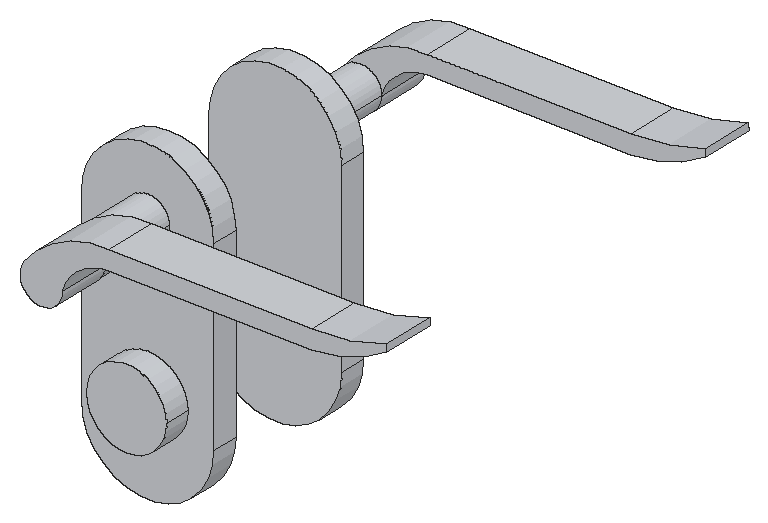
Revit family "Maçaneta da porta 2", category Portas, Revit 2019
Family settings
  Com base no plano de trabalho = Não
  Sempre na vertical = Sim
  Corte com vazios quando carregada = Não
  Compartilhado = Não
  Ponto de cálculo do ambiente = Não
Parameters
  Espessura do painel = 50 mm
  Material do puxador = none
  Função = Interior
Reference planes
  plane 1 "Centro (Frente/Trás)": y = 0
  plane 2: z = 0
  plane 3 "Centro (Esquerda/Direita)": x = 0
  plane 4: y = 25
  plane 5: y = -25
  plane 6: z = -147.114
  plane 7: y = 65
  plane 8: z = -60
  plane 9: y = -65
  plane 10: z = -60
Forms (mm)
  Extrusion 1, solid, material <- "Material do puxador"
    sketch origin (0, -25, 0) x (-1, 0, 0) y (0, 0, -1)
      loop
        line (25, 0) -> (25, 70)
        arc (25, 70) -> (0, 95) -> (-25, 70) r 25
        line (-25, 70) -> (-25, 0)
        arc (-25, 0) -> (0, -25) -> (25, 0) r 25
    from 0 to 10
  Extrusion 2, solid, material <- "Material do puxador"
    sketch origin (0, 25, 0) x (-1, 0, 0) y (0, 0, -1)
      loop
        line (25, 0) -> (25, 70)
        arc (25, 70) -> (0, 95) -> (-25, 70) r 25
        line (-25, 70) -> (-25, 0)
        arc (-25, 0) -> (0, -25) -> (25, 0) r 25
    from 0 to -10
  Extrusion 3, solid, material <- "Material do puxador"
    sketch origin (0, -25, 0) x (-1, 0, 0) y (0, 0, -1)
      loop
        circle (0, 0) r 8
    from 10 to 40
  Extrusion 4, solid, material <- "Material do puxador"
    sketch origin (0, 20, 0) x (-1, 0, 0) y (0, 0, 1)
      loop
        circle (0, 0) r 8
    from 15 to 45
  Extrusion 5, solid, material <- "Material do puxador"
    sketch origin (0, -65, 0) x (1, 0, 0) y (0, 0, 1)
      loop
        arc (-6.508, 4.652) -> (-2.443, -7.618) -> (8, 0) r 8
        arc (8, 0) -> (14.532, 9.391) -> (25.386, 13) r 18.126
        line (25.386, 13) -> (101.644, 13)
        arc (101.644, 13) -> (116.41, 15.798) -> (130, 22.214) r 59.379
        line (130, 22.214) -> (130, 25)
        arc (130, 25) -> (116.04, 21.265) -> (101.644, 20) r 83.285
        line (101.644, 20) -> (25.367, 20)
        arc (25.367, 20) -> (7.493, 16.348) -> (-6.508, 4.652) r 37.283
    from 0 to 20
  Extrusion 6, solid, material <- "Material do puxador"
    sketch origin (0, 65, 0) x (1, 0, 0) y (0, 0, -1)
      loop
        arc (8, 0) -> (-2.443, 7.618) -> (-6.508, -4.652) r 8
        arc (-6.508, -4.652) -> (7.493, -16.348) -> (25.367, -20) r 37.283
        line (25.367, -20) -> (101.644, -20)
        arc (101.644, -20) -> (116.04, -21.265) -> (130, -25) r 83.285
        line (130, -25) -> (130, -22.214)
        arc (130, -22.214) -> (116.41, -15.798) -> (101.644, -13) r 59.379
        line (101.644, -13) -> (25.386, -13)
        arc (25.386, -13) -> (14.532, -9.391) -> (8, 0) r 18.126
    from 0 to 20
  Extrusion 7, solid, material <- "Material do puxador"
    sketch origin (0, -35, 10) x (-1, 0, 0) y (0, 0, -1)
      loop
        circle (0, 70) r 15
    from 0 to 10
  Extrusion 8, solid, material <- "Material do puxador"
    sketch origin (0, 35, 0) x (-1, 0, 0) y (0, 0, 1)
      loop
        circle (0, -60) r 15
    from 0 to 10
Dimensions and locks
  equal spacing: plane 5, plane 1 "Centro (Frente/Trás)", plane 4
  "Espessura do painel": plane 5 to plane 4
  locked: plane 4 to plane 7 at 40
  locked: plane 9 to plane 5 at 40
  locked: Extrusion 6 to plane 7 at 20
  locked: plane 9 to Extrusion 5 at 20
  locked: plane 2 to plane 10 at 60
  aligned and locked: Extrusion 3 to Extrusion 1
  aligned and locked: Extrusion 4 to Extrusion 2
  aligned and locked: plane 7 to Extrusion 6
  aligned and locked: Extrusion 4 to plane 7
  aligned and locked: plane 9 to Extrusion 5
Automatic sketch dimensions
  Extrusion 3 sketch curve to level = 0 mm
  Extrusion 3 sketch curve to plane 3 "Centro (Esquerda/Direita)" = 0 mm
  Extrusion 4 sketch curve to level = 0 mm
  Extrusion 4 sketch curve to plane 3 "Centro (Esquerda/Direita)" = 0 mm
  Extrusion 5 sketch curve to level = 0 mm  (x2)
  Extrusion 5 sketch curve to plane 3 "Centro (Esquerda/Direita)" = 0 mm
  Extrusion 5 sketch curve to plane 3 "Centro (Esquerda/Direita)" = 6.508 mm
  plane 3 "Centro (Esquerda/Direita)" to Extrusion 5 sketch curve = 8 mm
  Extrusion 5 sketch curve to level = 17.244 mm
  Extrusion 5 sketch curve to Extrusion 5 sketch curve = 15.668 mm
  level to Extrusion 5 sketch curve = 20 mm
  Extrusion 5 sketch curve to Extrusion 5 sketch curve = 0.019 mm
  Extrusion 5 sketch curve to Extrusion 5 sketch curve = 28.356 mm
  Extrusion 5 sketch curve to Extrusion 5 sketch curve = 0 mm
  Extrusion 5 sketch curve to level = 5.126 mm
  level to Extrusion 5 sketch curve = 22.214 mm
  Extrusion 5 sketch curve to Extrusion 5 sketch curve = 2.786 mm
  Extrusion 5 sketch curve to Extrusion 5 sketch curve = 72.693 mm
  Extrusion 5 sketch curve to Extrusion 5 sketch curve = 3.517 mm
  Extrusion 5 sketch curve to Extrusion 5 sketch curve = 3.583 mm
  Extrusion 6 sketch curve to level = 0 mm
  Extrusion 6 sketch curve to plane 3 "Centro (Esquerda/Direita)" = 0 mm
  level to Extrusion 6 sketch curve = 4.652 mm
  Extrusion 6 sketch curve to plane 3 "Centro (Esquerda/Direita)" = 6.508 mm
  Extrusion 6 sketch curve to level = 17.244 mm
  Extrusion 6 sketch curve to Extrusion 6 sketch curve = 15.668 mm
  Extrusion 6 sketch curve to Extrusion 6 sketch curve = 0.019 mm
  Extrusion 6 sketch curve to level = 5.126 mm
  Extrusion 6 sketch curve to Extrusion 6 sketch curve = 1.719 mm
  Extrusion 6 sketch curve to Extrusion 6 sketch curve = 72.693 mm
  Extrusion 6 sketch curve to Extrusion 6 sketch curve = 3.517 mm
  Extrusion 6 sketch curve to Extrusion 6 sketch curve = 3.583 mm
  Extrusion 6 sketch curve to Extrusion 6 sketch curve = 0 mm
  level to Extrusion 6 sketch curve = 22.214 mm
  Extrusion 6 sketch curve to Extrusion 6 sketch curve = 28.356 mm
  Extrusion 6 sketch curve to Extrusion 6 sketch curve = 2.786 mm
  Extrusion 1 sketch curve to plane 3 "Centro (Esquerda/Direita)" = 0 mm
  Extrusion 1 sketch curve to level = 0 mm
  Extrusion 1 sketch curve to plane 3 "Centro (Esquerda/Direita)" = 25 mm
  level to Extrusion 1 sketch curve = 70 mm
  Extrusion 2 sketch curve to level = 0 mm
  Extrusion 2 sketch curve to plane 3 "Centro (Esquerda/Direita)" = 0 mm
  Extrusion 2 sketch curve to plane 3 "Centro (Esquerda/Direita)" = 25 mm
  level to Extrusion 2 sketch curve = 70 mm
  Extrusion 7 sketch curve to plane 3 "Centro (Esquerda/Direita)" = 0 mm
  level to Extrusion 7 sketch curve = 60 mm
  Extrusion 8 sketch curve to plane 3 "Centro (Esquerda/Direita)" = 0 mm
  Extrusion 8 sketch curve to plane 8 = 0 mm
  radius of Extrusion 3 sketch curve = 8 mm
  radius of Extrusion 4 sketch curve = 8 mm
  radius of Extrusion 7 sketch curve = 15 mm
  radius of Extrusion 8 sketch curve = 15 mm
